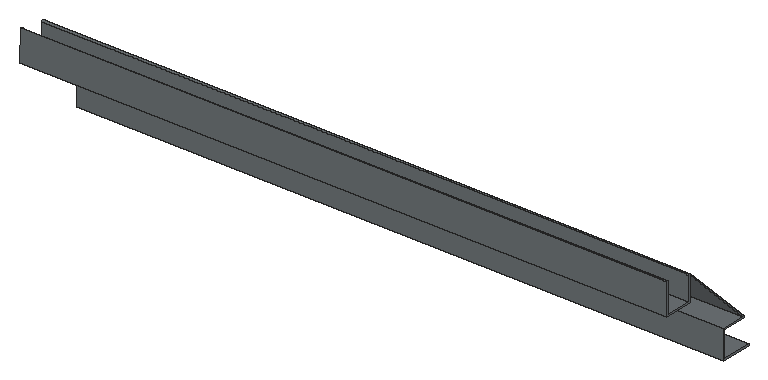
Revit family "BIMLIB_ПланкаУглаВнутреннегоСложногоЭкоБрус_GRANDLINE", category Обобщенные модели, Revit 2017
Family settings
  Может служить основой для арматурных стержней = Нет
  Размер круглого соединителя = Использовать диаметр
  Тип детали = Нормальный
  При загрузке вырезать с полостями = Нет
  Общий = Нет
  Точка расчета площади = Нет
Parameters (values of type "Угол внутреннний сложный")
  Смещение от плоскости [instance] = 0 mm
  Описание = ADSK_Наименование  # "Угол внутреннний сложный ЭкоБрус GL"
  Изготовитель = "Grand Line"  # constant formula
  built-in parameter 1001306 [instance] = 500 mm
  Watermark [instance] = "Модели защищены уникальным кодом"
  URL = "https://www.grandline.ru"
  BL_Разработано = "support@bimlib.pro"
  BL_Email = "info@grandline.ru"
  BL_BIM library = "https://bimlib.pro/manufacturer/company/22430"
  ADSK_Размер_Длина [instance] = [built-in parameter 1001306]  # 500 mm
  ADSK_Обозначение = "ГОСТ 19904-90, ГОСТ 14918-80"
  ADSK_Наименование = "Угол внутреннний сложный ЭкоБрус GL"
  ADSK_Материал тип подсчета = 1  # constant formula
  ADSK_Материал = GL_Drap_RAL7016
  ADSK_Масса_Текст [instance] = ""
  ADSK_Масса [instance] = 0
  ADSK_Марка = ""
  ADSK_Количество [instance] = if(ADSK_Материал тип подсчета = 0, 1, if(ADSK_Материал тип подсчета = 1, ADSK_Размер_Длина / 1000 mm, 0))  # 0.5
  ADSK_Код изделия = "M012.043.03"  # constant formula
  ADSK_Завод-изготовитель = "Grand Line"  # constant formula
  ADSK_Единица измерения = "м"  # constant formula
  ADSK_Группирование = "Доборные элементы"  # constant formula
  ADSK_Версия Revit = "2017"  # constant formula
  ADSK_URL страницы изделия = "https://www.grandline.ru/planka-ugla-vnutrennego-slozhnogo-ekobrus-0-5-satin-foil-ral-1015-126846.html"
  ADSK_URL документации изделия = "https://www.grandline.ru/uploads/files/chertezhi_vse/dobornye_elementy/de_saiyding_ekobrus/Ugol_vnutrenniiy_slozhnyiy_EkoBrus_GL.jpg"
Reference planes
  plane 1 "По центру (Вперед/Назад)": y = 0
  plane 2: z = 0
  plane 3 "Слева": x = 0
  plane 4 "Справа": x = 500
Forms (mm)
  Sweep 1, solid, material "GL_Drap_RAL7016" <- "ADSK_Материал"
    path in 3D
      loop
        line (0, 0, 0) -> (500, 0, 0)
    profile "Профиль_ПланкаУглаВнутреннегоСложногоЭкобрус : Профиль" origin (250, 0, 0) x (0, 1, 0) y (0, 0, 1)
      loop
        line (74.455, 22.447) -> (22.447, 74.455)
        arc (22.447, 74.455) -> (21.651, 74.613) -> (21.2, 73.938) r 0.731
        line (21.2, 73.938) -> (21.2, 55.469) -> (0.8, 55.469) -> (0.8, 78.669) -> (0, 78.669) -> (0, 54.669) -> (22, 54.669) -> (22, 73.771) -> (73.771, 22) -> (54.669, 22) -> (54.669, 0) -> (78.669, 0) -> (78.669, 0.8) -> (55.469, 0.8) -> (55.469, 21.2) -> (73.938, 21.2)
        arc (73.938, 21.2) -> (74.613, 21.651) -> (74.455, 22.447) r 0.731
Lines and regions (mm)
  reference lines
    curve 1: line (0, 0, 0) -> (500, 0, 0)
  sketch lines
    curve 2: line (0, 0, 0) -> (500, 0, 0)
Dimensions and locks
  "built-in parameter 1001306": plane 3 "Слева" to plane 4 "Справа"
  aligned and locked: plane 4 "Справа" to curve 1
  aligned and locked: plane 1 "По центру (Вперед/Назад)" to curve 1
  aligned and locked: plane 3 "Слева" to curve 1
  aligned and locked: level to plane 2
